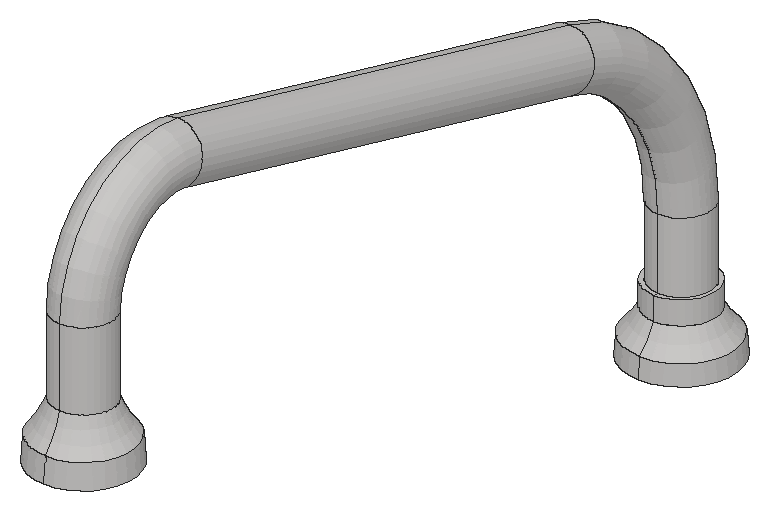
Revit family "QF_T&S_060X", category Specialty Equipment, Revit 2014
Parameters
  Weight in Pounds = 0
  Watermarked By = "http://revitwatermark.com"
  Water Supply Radius = 1/4"  # constant formula
  URL Cutsheet = ""
  URL = "http://www.tsbrass.com/"
  Specification by User = ""
  Specification by Manufacturer = ""
  Serial Number = ""
  Seismic Rating = ""
  SMACNA No = ""
  Revision Code = ""
  Radius = 79/256"
  Product Page URL = "http://www.tsbrass.com/index.cfm?page=SearchProduct&ID=609"
  Product Documentation Link = ""
  Plumbing Remarks = "Pressure: 20 - 125 psi, Temperature: 40 °F - 140 °F, Flow Rate: 26.30 GPM @ 60 psi"
  Nozzle Ring = yes
  NAFEM Spec ID Number = ""
  Model = "060X"  # constant formula
  Masterspec = ""
  Manufacturer Phone = ""
  Manufacturer Fax = ""
  Manufacturer Email = ""
  Manufacturer Address = ""
  Manufacturer = "T&S Brass and Bronze Works, Inc."
  Item Number = ""
  Installed By = ""
  Identify Quantity as Lot = yes
  Hot Water Temperature = 140 °F
  Hot Water RI Height = 0"
  Hot Water Minimum Pressure = 20.00 psi
  Hot Water Maximum Pressure = 125.00 psi
  Hot Water Inlet Flow = 26.30 GPM
  Hot Water Flow = Hot Water Inlet Flow  # 26.30 GPM
  Hot Water Consumption = Hot Water Inlet Flow  # 26.30 GPM
  Hot Water Connection Height = 0"
  Furnished By = ""
  Foodservice Equipment Identifier = yes
  Faucet Material [instance] = QF_Metal-Stainless-Polished
  Faucet Material [instance] = QF_Metal-Stainless-Polished
  Description = "8'' Swing Nozzle w/ Stream Regulator Outlet"  # constant formula
  Connector 2 Description = "Hot Water Inlet"
  Connector 1 Description = "Cold Water Inlet"
  Cold Water Temperature Recommended = 40 °F
  Cold Water RI Height = 0"
  Cold Water Minimum Pressure = 20.00 psi
  Cold Water Maximum Pressure = 125.00 psi
  Cold Water Inlet Flow = 26.30 GPM
  Cold Water Flow = Cold Water Inlet Flow  # 26.30 GPM
  Cold Water Consumption = "26.300 GPM"
  Cold Water Connection Height = 0"
  CSI MasterFormat = ""
  Assembly Code = ""
Reference planes (in)
  plane 1 "Center (Front/Back)": y = -0.65625
  plane 2: z = 0
  plane 3 "Center (Left/Right)": x = -2.25
  plane 4: x = -1.75
  plane 5: x = -2.75
  plane 6: z = 5.25
  plane 7: x = -2.75
  plane 8: y = 7.34375
  plane 9: x = -1.6875
  plane 10: x = -2.8125
  plane 11: y = -8.65625
Forms (in)
  Sweep 1, solid, material "QF_Metal-Stainless-Polished"
    path origin (-2.25, -0.65625, -2.14337) x (0, 1, 0) y (0, 0, 1)
      loop
        line (0, 2.26754) -> (0, 3.62293)
        arc (0, 3.62293) -> (-0.43594, 4.90717) -> (-1.56359, 5.66065) r 2.1096
        line (-1.56359, 5.66065) -> (-6.80002, 7.06374)
        arc (-6.80002, 7.06374) -> (-7.63246, 6.85853) -> (-8, 6.08394) r 1
        line (-8, 6.08394) -> (-8, 4.76754)
    profile origin (-2.25, -0.65625, 0.80187) x (0, -1, 0) y (1, 0, 0)
      loop
        circle (0, 0) r 0.30859
  Revolve 2, solid, material "QF_Metal-Stainless-Polished", visible <- "Nozzle Ring"
    sketch origin (-2.25, 3.34375, -0.80818) x (0, 1, 0) y (0, 0, 1)
      loop
        arc (-12.50714, 3.56694) -> (-12.52195, 3.43794) -> (-12.52711, 3.30818) r 1.74083
        line (-12.52711, 3.30818) -> (-12.30859, 3.30818) -> (-12.30859, 3.91665)
        arc (-12.30859, 3.91665) -> (-12.3886, 3.73086) -> (-12.50714, 3.56694) r 0.92351
      axis (-12, 3.91665) -> (-12, 3.30818)
    angle from 0 to 360
  Revolve 3, solid, material "QF_Metal-Stainless-Polished", visible <- "Nozzle Ring"
    sketch origin (-2.25, 11.34375, -3.30818) x (0, 1, 0) y (0, 0, 1)
      loop
        arc (-12.54854, 3.52409) -> (-12.55887, 3.41635) -> (-12.5625, 3.30818) r 1.74083
        line (-12.5625, 3.30818) -> (-12.30859, 3.30818) -> (-12.30859, 4.03246) -> (-12.36142, 4.03246) -> (-12.36142, 3.78246)
        arc (-12.36142, 3.78246) -> (-12.44374, 3.64513) -> (-12.54854, 3.52409) r 0.92351
      axis (-12, 4.03246) -> (-12, 3.30818)
    angle from 0 to 360
Lines and regions (in)
  symbolic lines
    curve 1: arc (-2.55859, -8.22892, 0) -> (-2.75154, -8.81841, 0) -> (-2.25, -9.18336, 0) r 0.52711
    curve 2: arc (-2.25, -9.18336, 0) -> (-1.74846, -8.81841, 0) -> (-1.94141, -8.22892, 0) r 0.52711
    curve 3: line (-1.94141, -8.65526, 0) -> (-1.94141, -0.64724, 0)
    curve 4: line (-2.55859, -8.65526, 0) -> (-2.55859, -0.64724, 0)
    curve 5: arc (-2.55859, -8.65526, 0) -> (-2.25, -8.96385, 0) -> (-1.94141, -8.65526, 0) r 0.30859
    curve 6: arc (-1.94141, -0.64724, 0) -> (-2.25, -0.33864, 0) -> (-2.55859, -0.64724, 0) r 0.30859
    curve 7: arc (-2.25, -0.09375, 0) -> (-2.78896, -0.49521, 0) -> (-2.55859, -1.12654, 0) r 0.5625
    curve 8: arc (-1.94141, -1.12654, 0) -> (-1.71104, -0.49521, 0) -> (-2.25, -0.09375, 0) r 0.5625
Dimensions and locks (in)
  equal spacing: plane 5, plane 3 "Center (Left/Right)", plane 4
  plane 5 to plane 4 = 1"
  plane 6 to plane 2 = 5 1/4"
  plane 1 "Center (Front/Back)" to plane 8 = 8"
  plane 10 to plane 9 = 1 1/8"
  plane 6 to level = 5 1/4"
  level to Revolve 2 = 2 1/2"
  plane 9 to plane 10 = 1 1/8"
  "Radius": radius of Sweep 1 sketch curve
  aligned and locked: plane 2 to level
Automatic sketch dimensions
  curve 1 to curve 2 = 0"
  curve 7 to curve 8 = 0"
  curve 5 to curve 1 = 0"
  curve 6 to curve 7 = 0"
  plane 1 "Center (Front/Back)" to curve 2 = 8"
  curve 1 to curve 5 = 0.00099"
  curve 7 to plane 1 "Center (Front/Back)" = 0"
  curve 7 to curve 6 = 0.00901"
  plane 10 to curve 7 = 65/256"
  curve 8 to plane 9 = 65/256"
  curve 1 to curve 1 = 0.52711"
  plane 1 "Center (Front/Back)" to curve 8 = 0.47029"
  plane 1 "Center (Front/Back)" to Sweep 1 sketch curve = 8"
  Sweep 1 sketch curve to plane 8 = 8"
  plane 1 "Center (Front/Back)" to Sweep 1 sketch curve = 7"
  Sweep 1 sketch curve to plane 6 = 0.32962"
  Sweep 1 sketch curve to Sweep 1 sketch curve = 0.19998"
  Sweep 1 sketch curve to Sweep 1 sketch curve = 2.1096"
  Sweep 1 sketch curve to plane 8 = 9.56359"
  Sweep 1 sketch curve to plane 6 = 1.73272"
  Sweep 1 sketch curve to Sweep 1 sketch curve = 1 81/256"
  level to Sweep 1 sketch curve = 0.12418"
  plane 1 "Center (Front/Back)" to Revolve 2 sketch curve = 8"
  plane 1 "Center (Front/Back)" to Revolve 2 sketch curve = 8 79/256"
  Revolve 2 sketch curve to Revolve 2 sketch curve = 0.21851"
  Revolve 2 sketch curve to Revolve 2 sketch curve = 0.88311"
  plane 1 "Center (Front/Back)" to Revolve 2 sketch curve = 6.78628"
  level to Revolve 2 sketch curve = 2.4958"
  Revolve 2 sketch curve to Revolve 2 sketch curve = 0.0042"
  Revolve 2 sketch curve to Revolve 2 sketch curve = 0.60846"
  Revolve 2 sketch curve to Revolve 2 sketch curve = 0.27017"
  Revolve 2 sketch curve to Revolve 2 sketch curve = 0"
  Revolve 2 sketch curve to Revolve 2 sketch curve = 0.60406"
  Revolve 3 sketch curve to level = 0"  (x2)
  Revolve 3 sketch curve to plane 8 = 8"
  Revolve 3 sketch curve to plane 8 = 8 79/256"
  Revolve 3 sketch curve to Revolve 3 sketch curve = 0.05283"
  Revolve 3 sketch curve to Revolve 3 sketch curve = 65/256"
  Revolve 3 sketch curve to Revolve 3 sketch curve = 0.83028"
  Revolve 3 sketch curve to level = 0.0042"
  Revolve 3 sketch curve to plane 8 = 6.82167"
  level to Revolve 3 sketch curve = 0.47428"
  Revolve 3 sketch curve to Revolve 3 sketch curve = 1/4"
  Revolve 3 sketch curve to Revolve 3 sketch curve = 0.15435"
  Revolve 3 sketch curve to Revolve 3 sketch curve = 0.48824"
  Sweep 1 sketch curve to profile plane = 0"  (x2)
